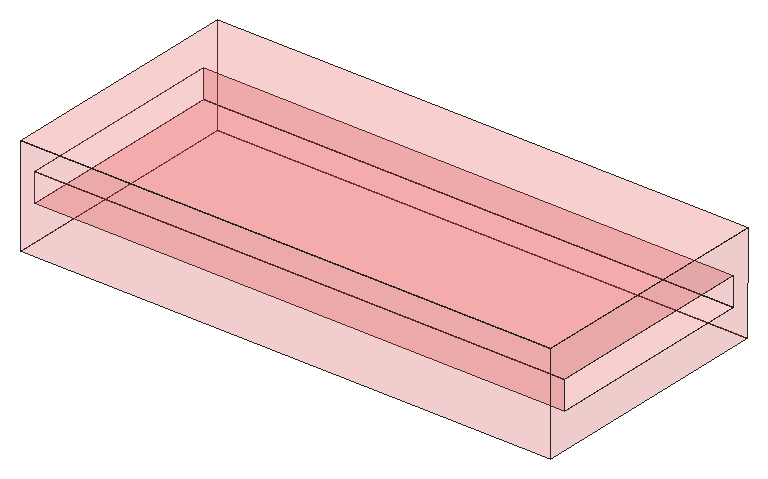
Revit family "GEN_GM_Clearence zone_LYNK", category Generic Models, Revit 2024
Family settings
  Can host rebar = No
  Round Connector Dimension = Use Diameter
  Part Type = Normal
  Work Plane-Based = No
  Always vertical = No
  Cut with Voids When Loaded = No
  Maintain Annotation Orientation = Yes
  Shared = No
  Room Calculation Point = Yes
Parameters
  hoek [instance] = 0.00°
  Object_Width [instance] = 600 mm
  Object_Heigth [instance] = 80 mm
  Default Elevation = 0 mm
  Clearence_Width [instance] = 50 mm
  Clearence_Length [instance] = 1500 mm
  Clearence_Heigth [instance] = 100 mm
Reference planes
  plane 1 "Center (Front/Back)": y = 0
  plane 2: z = 0
  plane 3 "Center (Left/Right)": x = 0
Lines and regions (mm)
  reference lines
    curve 1: line (0, 0, 0) -> (-15, 0, 0)
Dimensions and locks
  aligned and locked: level to plane 2
Nested families
  nested 1: "draaiobject_LYNK" at (-2, -1, 0) x (0, 0, -1) z (0, -1, 0), hoek <- "hoek", type "draaiobject_LYNK", not visible
    with hoek 0.00°
  nested 2: "GEN_GM_FB_Clearence zone_LYNK" at (0, 0.327, 0), Clearence_Heigth <- "Clearence_Heigth", Clearence_Length <- "Clearence_Length", Clearence_Width <- "Clearence_Width", Object_Heigth <- "Object_Heigth", Object_Width <- "Object_Width", type "GEN_GM_FB_Clearence zone_LYNK"
    with Object_Width 600 mm, Object_Heigth 80 mm, Clearence_Width 50 mm, Clearence_Length 1500 mm, Clearence_Heigth 100 mm
Definition of nested family "draaiobject_LYNK"
  Parameters (values of type "draaiobject_LYNK")
    hoek [instance] = 45.00°
    Default Elevation = 1219.2 mm
  Reference planes
    plane 1 "Center (Front/Back)": y = 0
    plane 2: z = 0
    plane 3 "Center (Left/Right)": x = 0
  Forms (mm)
    Extrusion 1, solid
      sketch origin (0, 0, 0) x (1, 0, 0) y (0, 1, 0)
        loop
          line (-1.414, 1.414) -> (1.414, -1.414) -> (8.485, 5.657) -> (5.657, 8.485) -> (-1.414, 1.414)
      from 0 to -2
  Lines and regions (mm)
    reference lines
      curve 1: line (0, 0, 0) -> (24.749, 24.749, 0)
      curve 2: line (0, 0, 0) -> (-7.071, 7.071, 0)
      curve 3: line (7.071, 7.071, 0) -> (0, 14.142, 0)
  Dimensions and locks
    equal spacing: Extrusion 1 sketch curve, curve 1, Extrusion 1 sketch curve
    curve 3 to curve 2 = 10 mm
    locked: Extrusion 1 sketch curve to Extrusion 1 sketch curve at 4
    "hoek": angle plane 1 "Center (Front/Back)" to curve 1
    locked: curve 1 to curve 2 (angle 90.00°)
    locked: curve 1 to curve 3 (angle 90.00°)
    aligned and locked: level to plane 2
    aligned and locked: plane 3 "Center (Left/Right)" to curve 1
    aligned and locked: plane 1 "Center (Front/Back)" to curve 1
    aligned and locked: curve 2 to Extrusion 1 sketch curve
    aligned and locked: curve 3 to Extrusion 1 sketch curve
  Automatic sketch dimensions
    curve 2 to curve 1 = 0 mm  (x2)
    curve 1 to curve 3 = 0 mm
Definition of nested family "GEN_GM_FB_Clearence zone_LYNK"
  Parameters (values of type "GEN_GM_FB_Clearence zone_LYNK")
    Object_Width [instance] = 600 mm
    Object_Heigth [instance] = 80 mm
    Default Elevation = 1219.2 mm
    Clearence_Width [instance] = 50 mm
    Clearence_Length [instance] = 1000 mm
    Clearence_Heigth [instance] = 100 mm
  Reference planes
    plane 1 "Center (Front/Back)": y = 0
    plane 2: z = 0
    plane 3 "Center (Left/Right)": x = 0
  Forms (mm)
    Extrusion 1, solid
      sketch origin (0, 0, 0) x (1, 0, 0) y (0, 1, 0)
        loop
          line (-1219.2, 1219.2) -> (-1219.2, -1219.2) -> (2857.493, -1219.2) -> (2857.493, 1219.2) -> (-1219.2, 1219.2)
      from 0 to -304.8
    Extrusion 2, solid
      sketch origin (-500, 0, -90) x (0, 1, 0) y (0, 0, 1)
        loop
          line (-350, -50) -> (350, -50) -> (350, 230) -> (-350, 230) -> (-350, -50)
        loop
          line (300, 130) -> (-300, 130) -> (-300, 50) -> (300, 50) -> (300, 130)
      from 500 to 1500
  Lines and regions (mm)
    reference lines
      curve 1: line (0, 0, 0) -> (0, -29.07, 0)
  Dimensions and locks
    "Object_Heigth": Extrusion 2 sketch curve to Extrusion 2 sketch curve
    "Object_Width": Extrusion 2 sketch curve to Extrusion 2 sketch curve
    "Clearence_Heigth": Extrusion 2 sketch curve to Extrusion 2 sketch curve  (x2)
    "Clearence_Width": Extrusion 2 sketch curve to Extrusion 2 sketch curve  (x2)
    Extrusion 2 to Extrusion 2 = 700 mm
    equal spacing: Extrusion 2, level, Extrusion 2
    "Clearence_Length": plane 3 "Center (Left/Right)" to Extrusion 2
    aligned and locked: Extrusion 1 to plane 2
    aligned and locked: Extrusion 1 to level
    aligned and locked: Extrusion 2 to plane 3 "Center (Left/Right)"
  Automatic sketch dimensions
    Extrusion 1 sketch curve to Extrusion 1 sketch curve = 4076.693 mm
    Extrusion 1 sketch curve to Extrusion 1 sketch curve = 2438.4 mm
    curve 1 to level = 0 mm
    curve 1 to plane 1 "Center (Front/Back)" = 0 mm
    plane 1 "Center (Front/Back)" to curve 1 = 29.07 mm
    Extrusion 2 sketch curve to level = 140 mm
    plane 1 "Center (Front/Back)" to Extrusion 2 sketch curve = 350 mm
